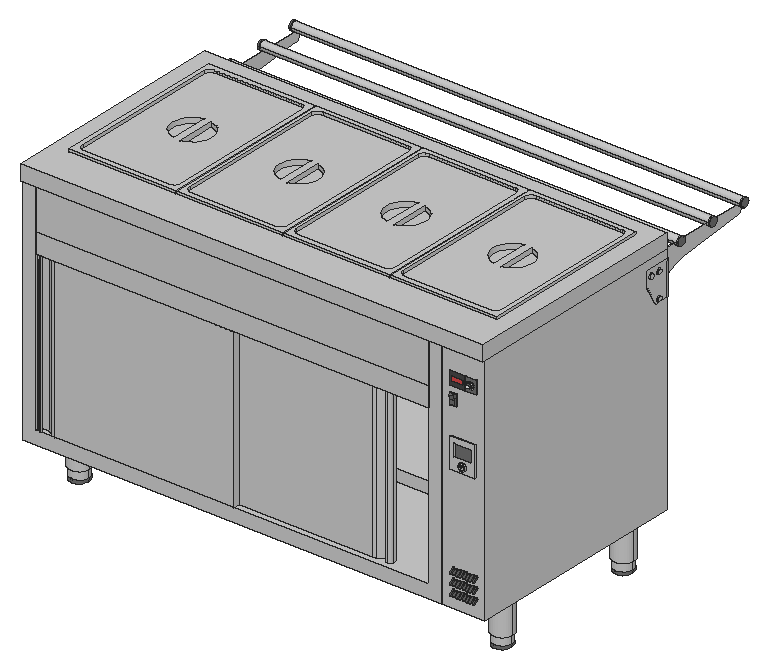
Revit family "QF_INOMAK_MDV714_250604112624", category Specialty Equipment, Revit 2021 (continued)
Definition of nested family "QF_INOMAK_CUPBOARD_RAILS_6791"
  Automatic sketch dimensions
    Extrusion 8 sketch curve to plane 1 "Back" = 316 mm
    Extrusion 9 sketch curve to plane 6 "Top" = 63 mm
    Extrusion 9 sketch curve to plane 1 "Back" = 316 mm
    Extrusion 10 sketch curve to plane 1 "Back" = 6 mm
    Extrusion 10 sketch curve to Extrusion 10 sketch curve = 59.644 mm
    Extrusion 10 sketch curve to Extrusion 10 sketch curve = 10.356 mm  (x5)
    Extrusion 10 sketch curve to Extrusion 10 sketch curve = 15.594 mm
    Extrusion 10 sketch curve to plane 1 "Back" = 116.97 mm
    Extrusion 10 sketch curve to Extrusion 10 sketch curve = 83.694 mm
    Extrusion 10 sketch curve to Extrusion 10 sketch curve = 98.144 mm
    Extrusion 10 sketch curve to Extrusion 10 sketch curve = 1.144 mm
    Extrusion 10 sketch curve to plane 6 "Top" = 98.295 mm
    Extrusion 10 sketch curve to Extrusion 10 sketch curve = 1.607 mm
    Extrusion 10 sketch curve to Extrusion 10 sketch curve = 15 mm
    Extrusion 10 sketch curve to plane 6 "Top" = 120.292 mm
    Extrusion 10 sketch curve to Extrusion 10 sketch curve = 53.708 mm
    Extrusion 10 sketch curve to Extrusion 10 sketch curve = 8.381 mm
    Extrusion 10 sketch curve to plane 6 "Top" = 70 mm
    Extrusion 10 sketch curve to Extrusion 10 sketch curve = 7 mm  (x2)
    Extrusion 11 sketch curve to Extrusion 11 sketch curve = 0 mm  (x4)
    Extrusion 11 sketch curve to plane 3 "Left" = 0 mm
    plane 1 "Back" to Extrusion 11 sketch curve = 0 mm
    plane 1 "Back" to Extrusion 11 sketch curve = 3 mm
    Extrusion 11 sketch curve to Extrusion 11 sketch curve = 3 mm  (x2)
    Extrusion 11 sketch curve to Extrusion 11 sketch curve = 24 mm
    plane 1 "Back" to Extrusion 12 sketch curve = 81.2 mm
    Extrusion 12 sketch curve to Extrusion 12 sketch curve = 1.34 mm
    Extrusion 12 sketch curve to Extrusion 12 sketch curve = 10 mm
    Extrusion 12 sketch curve to Extrusion 12 sketch curve = 8.66 mm  (x2)
    plane 1 "Back" to Extrusion 12 sketch curve = 49.087 mm
    plane 1 "Back" to Extrusion 12 sketch curve = 3 mm
    Extrusion 12 sketch curve to plane 6 "Top" = 174 mm
    Extrusion 12 sketch curve to Extrusion 12 sketch curve = 5 mm
    Extrusion 12 sketch curve to Extrusion 12 sketch curve = 53.301 mm
    Extrusion 12 sketch curve to Extrusion 12 sketch curve = 30.699 mm
    plane 1 "Back" to Extrusion 13 sketch curve = 36.2 mm
    Extrusion 13 sketch curve to plane 6 "Top" = 88 mm
    plane 1 "Back" to Extrusion 14 sketch curve = 41.396 mm
    Extrusion 14 sketch curve to Extrusion 14 sketch curve = 5.196 mm  (x3)
    Extrusion 14 sketch curve to plane 6 "Top" = 94 mm
    Extrusion 14 sketch curve to Extrusion 14 sketch curve = 3 mm  (x3)
    Extrusion 14 sketch curve to Extrusion 14 sketch curve = 6 mm  (x2)
    plane 1 "Back" to Extrusion 15 sketch curve = 66.2 mm
    Extrusion 15 sketch curve to plane 6 "Top" = 88 mm
    plane 1 "Back" to Extrusion 16 sketch curve = 71.396 mm
    Extrusion 16 sketch curve to Extrusion 16 sketch curve = 5.196 mm  (x3)
    Extrusion 16 sketch curve to plane 6 "Top" = 94 mm
    Extrusion 16 sketch curve to Extrusion 16 sketch curve = 3 mm  (x3)
    Extrusion 16 sketch curve to Extrusion 16 sketch curve = 6 mm  (x2)
    plane 1 "Back" to Extrusion 17 sketch curve = 36.2 mm
    Extrusion 17 sketch curve to plane 6 "Top" = 162 mm
    plane 1 "Back" to Extrusion 18 sketch curve = 41.396 mm
    Extrusion 18 sketch curve to Extrusion 18 sketch curve = 5.196 mm  (x3)
    Extrusion 18 sketch curve to plane 6 "Top" = 168 mm
    Extrusion 18 sketch curve to Extrusion 18 sketch curve = 3 mm  (x3)
    Extrusion 18 sketch curve to Extrusion 18 sketch curve = 6 mm  (x2)
    Extrusion 20 sketch curve to Extrusion 20 sketch curve = 0 mm  (x4)
    Extrusion 20 sketch curve to plane 4 "Right" = 0 mm
    plane 1 "Back" to Extrusion 20 sketch curve = 0 mm
    Extrusion 20 sketch curve to plane 1 "Back" = 3 mm
    Extrusion 20 sketch curve to Extrusion 20 sketch curve = 3 mm  (x2)
    Extrusion 20 sketch curve to Extrusion 20 sketch curve = 24 mm
    Extrusion 19 sketch curve to plane 6 "Top" = 83.381 mm
    Extrusion 19 sketch curve to plane 1 "Back" = 319.5 mm
    Extrusion 19 sketch curve to Extrusion 19 sketch curve = 3.5 mm
    Extrusion 19 sketch curve to plane 6 "Top" = 98.295 mm
    Extrusion 19 sketch curve to Extrusion 19 sketch curve = 13.393 mm
    Extrusion 19 sketch curve to Extrusion 19 sketch curve = 10.356 mm  (x5)
    Extrusion 19 sketch curve to Extrusion 19 sketch curve = 98.144 mm
    Extrusion 19 sketch curve to plane 1 "Back" = 116.97 mm
    Extrusion 19 sketch curve to Extrusion 19 sketch curve = 83.694 mm
    Extrusion 19 sketch curve to Extrusion 19 sketch curve = 15.594 mm
    Extrusion 19 sketch curve to plane 1 "Back" = 6 mm
    Extrusion 19 sketch curve to plane 6 "Top" = 120.292 mm
    Extrusion 19 sketch curve to Extrusion 19 sketch curve = 53.708 mm
    Extrusion 19 sketch curve to Extrusion 19 sketch curve = 8.381 mm
    Extrusion 19 sketch curve to plane 6 "Top" = 70 mm
    Extrusion 19 sketch curve to Extrusion 19 sketch curve = 7 mm  (x2)
    plane 1 "Back" to Extrusion 22 sketch curve = 36.2 mm
    Extrusion 22 sketch curve to plane 6 "Top" = 88 mm
    plane 1 "Back" to Extrusion 23 sketch curve = 31.004 mm
    Extrusion 23 sketch curve to Extrusion 23 sketch curve = 5.196 mm  (x3)
    Extrusion 23 sketch curve to plane 6 "Top" = 94 mm
    Extrusion 23 sketch curve to Extrusion 23 sketch curve = 3 mm  (x3)
    Extrusion 23 sketch curve to Extrusion 23 sketch curve = 6 mm  (x2)
    plane 1 "Back" to Extrusion 24 sketch curve = 66.2 mm
    Extrusion 24 sketch curve to plane 6 "Top" = 88 mm
    plane 1 "Back" to Extrusion 25 sketch curve = 61.004 mm
    Extrusion 25 sketch curve to Extrusion 25 sketch curve = 5.196 mm  (x3)
    Extrusion 25 sketch curve to plane 6 "Top" = 94 mm
    Extrusion 25 sketch curve to Extrusion 25 sketch curve = 3 mm  (x3)
    Extrusion 25 sketch curve to Extrusion 25 sketch curve = 6 mm  (x2)
    plane 1 "Back" to Extrusion 26 sketch curve = 36.2 mm
    Extrusion 26 sketch curve to plane 6 "Top" = 162 mm
    plane 1 "Back" to Extrusion 27 sketch curve = 31.004 mm
    Extrusion 27 sketch curve to Extrusion 27 sketch curve = 5.196 mm  (x3)
    Extrusion 27 sketch curve to plane 6 "Top" = 168 mm
    Extrusion 27 sketch curve to Extrusion 27 sketch curve = 3 mm  (x3)
    Extrusion 27 sketch curve to Extrusion 27 sketch curve = 6 mm  (x2)
    plane 1 "Back" to Extrusion 21 sketch curve = 3 mm
    Extrusion 21 sketch curve to Extrusion 21 sketch curve = 37.426 mm
    Extrusion 21 sketch curve to Extrusion 21 sketch curve = 8.66 mm  (x2)
    Extrusion 21 sketch curve to Extrusion 21 sketch curve = 30.774 mm
    Extrusion 21 sketch curve to Extrusion 21 sketch curve = 0 mm
    Extrusion 21 sketch curve to Extrusion 21 sketch curve = 1.34 mm
    Extrusion 21 sketch curve to plane 6 "Top" = 174 mm
    Extrusion 21 sketch curve to Extrusion 21 sketch curve = 5 mm
    Extrusion 21 sketch curve to Extrusion 21 sketch curve = 53.301 mm
    Extrusion 21 sketch curve to Extrusion 21 sketch curve = 30.699 mm
    plane 1 "Back" to curve 23 = 0 mm
    plane 1 "Back" to curve 17 = 0 mm
    plane 1 "Back" to curve 18 = 0 mm
    plane 1 "Back" to curve 24 = 0 mm
    plane 4 "Right" to curve 3 = 15 mm
    curve 3 to plane 1 "Back" = 63.5 mm
    curve 3 to curve 4 = 25 mm
    plane 3 "Left" to curve 6 = 15 mm
    curve 1 to curve 6 = 95 mm
    curve 6 to curve 6 = 25 mm
    plane 4 "Right" to curve 12 = 15 mm
    curve 5 to curve 12 = 95 mm
    curve 11 to curve 12 = 25 mm
    plane 4 "Right" to curve 8 = 15 mm
    plane 3 "Left" to curve 11 = 15 mm
    plane 3 "Left" to curve 3 = 15 mm
    curve 1 to curve 25 = 5 mm
    curve 9 to curve 27 = 5 mm
    curve 5 to curve 26 = 5 mm
    curve 26 to curve 21 = 10 mm
    plane 4 "Right" to curve 23 = 30 mm
    curve 26 to curve 19 = 10 mm
    curve 19 to curve 20 = 3 mm
    curve 21 to curve 22 = 3 mm
    curve 23 to curve 24 = 3 mm
    curve 16 to curve 1 = 18 mm
    curve 14 to curve 10 = 18 mm
    curve 18 to curve 2 = 18 mm
    curve 18 to curve 17 = 3 mm
    curve 14 to curve 13 = 3 mm
    curve 16 to curve 15 = 3 mm
    curve 28 to curve 10 = 5 mm
    curve 29 to curve 5 = 5 mm
    curve 30 to curve 1 = 5 mm
    radius of Sweep 1 sketch curve = 12.5 mm
    radius of Extrusion 2 sketch curve = 12.5 mm
    radius of Extrusion 3 sketch curve = 12.5 mm
    radius of Sweep 4 sketch curve = 12.5 mm
    radius of Extrusion 5 sketch curve = 12.5 mm
    radius of Extrusion 6 sketch curve = 12.5 mm
    radius of Sweep 7 sketch curve = 12.5 mm
    radius of Extrusion 8 sketch curve = 12.5 mm
    radius of Extrusion 9 sketch curve = 12.5 mm
    radius of Extrusion 13 sketch curve = 7 mm
    radius of Extrusion 15 sketch curve = 7 mm
    radius of Extrusion 17 sketch curve = 7 mm
    radius of Extrusion 22 sketch curve = 7 mm
    radius of Extrusion 24 sketch curve = 7 mm
    radius of Extrusion 26 sketch curve = 7 mm
Definition of nested family "CONN_POINT_COLDWATER_2D___Generic_Annotation"
  Parameters (values of type "CONN_POINT_COLDWATER_2D___Generic_Annotation")
    Onboard connection annotation symbol visibility [instance] = yes
  Reference planes
    plane 1: y = 0
    plane 2: x = 0
  Lines and regions (mm)
    detail lines, visible <- "Onboard connection annotation symbol visibility"
      curve 1: circle (0, 0, 0) r 0.5 normal (0, 0, 1)
      curve 2: line (-1, 0, 0) -> (1, 0, 0)
      curve 3: line (0, 1, 0) -> (0, -1, 0)
      curve 4: line (3.241, 1, 0) -> (3.717, -1, 0)
      curve 5: line (3.717, -1, 0) -> (4.193, 1, 0)
      curve 6: line (4.193, 1, 0) -> (4.669, -1, 0)
      curve 7: line (4.669, -1, 0) -> (5.145, 1, 0)
      curve 8: arc (2.67, 0.524, 0) -> (2.004, 1, 0) -> (1.337, 0.524, 0) r 0.704
      curve 9: arc (1.337, -0.524, 0) -> (2.004, -1, 0) -> (2.67, -0.524, 0) r 0.704
      curve 10: arc (1.337, 0.524, 0) -> (1.25, 0, 0) -> (1.337, -0.524, 0) r 1.616
Definition of nested family "CONN_POINT_DRAIN_2D___Generic_Annotation"
  Parameters (values of type "CONN_POINT_DRAIN_2D___Generic_Annotation")
    Onboard connection annotation symbol visibility [instance] = yes
  Reference planes
    plane 1: y = 0
    plane 2: x = 0
  Lines and regions (mm)
    detail lines, visible <- "Onboard connection annotation symbol visibility"
      curve 1: circle (0, 0, 0) r 0.5 normal (0, 0, 1)
      curve 2: line (-1, 0, 0) -> (1, 0, 0)
      curve 3: line (0, 1, 0) -> (0, -1, 0)
      curve 4: line (1.776, 1, 0) -> (1.25, 1, 0)
      curve 5: line (1.25, 1, 0) -> (1.25, -1, 0)
      curve 6: line (1.25, -1, 0) -> (1.776, -1, 0)
      curve 7: arc (2.206, -0.862, 0) -> (2.459, -0.589, 0) -> (2.583, -0.238, 0) r 0.918
      curve 8: arc (2.583, 0.238, 0) -> (2.459, 0.589, 0) -> (2.206, 0.862, 0) r 0.918
      curve 9: arc (2.583, -0.238, 0) -> (2.599, 0, 0) -> (2.583, 0.238, 0) r 1.77
      curve 10: arc (2.206, 0.862, 0) -> (2.002, 0.965, 0) -> (1.776, 1, 0) r 0.741
      curve 11: arc (1.776, -1, 0) -> (2.002, -0.965, 0) -> (2.206, -0.862, 0) r 0.741
Definition of nested family "CONN_POINT_ELE_2D___Generic_Annotation"
  Parameters (values of type "CONN_POINT_ELE_2D___Generic_Annotation")
    Onboard connection annotation symbol visibility [instance] = yes
  Reference planes
    plane 1: y = 0
    plane 2: x = 0
  Lines and regions (mm)
    detail lines, visible <- "Onboard connection annotation symbol visibility"
      curve 1: circle (0, 0, 0) r 0.5 normal (0, 0, 1)
      curve 2: line (-1, 0, 0) -> (1, 0, 0)
      curve 3: line (0, 1, 0) -> (0, -1, 0)
      curve 4: line (2.5, 1, 0) -> (1.25, 1, 0)
      curve 5: line (1.25, 1, 0) -> (1.25, -1, 0)
      curve 6: line (1.25, -1, 0) -> (2.5, -1, 0)
      curve 7: line (1.25, 0, 0) -> (2, 0, 0)
